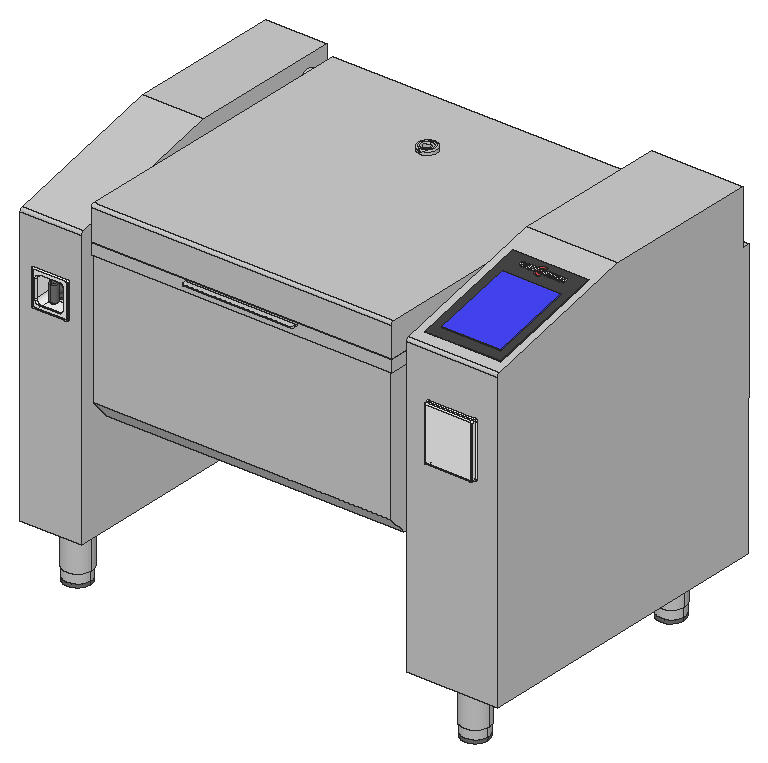
Revit family "QF_WELBILT-CONVOTHERM_FLEXX_PRO_101_260211053439", category Specialty Equipment, Revit 2021
Family settings
  Round Connector Dimension = Use Diameter
  Part Type = Normal
  OmniClass Number = 23.40.40.14
  OmniClass Title = Food Service Equipment
  Work Plane-Based = No
  Always vertical = Yes
  Cut with Voids When Loaded = No
  Shared = No
  Room Calculation Point = No
Parameters (values of type "JI-MKH-003")
  Weight [instance] = 340.00 kg
  Waste Water Discharge Temperature [instance] = 0 °C
  Waste Remarks [instance] = ""
  Warranty Start Date [instance] = ""
  Warranty Duration [instance] = ""
  Volts [instance] = 400 V
  Volt Free Conn [instance] = no
  URL Recommended Spares List [instance] = ""
  URL Manufacturer [instance] = ""
  URL Cutsheet [instance] = ""
  URL Critical Spares List [instance] = ""
  URL = "www.convotherm.com"
  Technical Documentation [instance] = ""
  Tag Number [instance] = ""
  Status [instance] = ""
  Start Up Current [instance] = 0 A
  Specification by User [instance] = ""
  Specification by Manufacturer [instance] = ""
  Sound Level [instance] = ""
  Show Logo [instance] = yes
  Show Clearances [instance] = yes
  Service Life Duration [instance] = ""
  Serial Number [instance] = ""
  Seismic Rating [instance] = ""
  SMACNA No [instance] = ""
  Revision Code [instance] = ""
  Revision [instance] = ""
  Production Year [instance] = ""
  Potential Equalisation [instance] = no
  Point Load [instance] = 0
  Plumbing Remarks [instance] = ""
  Plumbing Connection Type [instance] = ""
  Phase [instance] = 3
  Other Equipment Approvals [instance] = ""
  Operational Current [instance] = 0 A
  Odor Trap Included [instance] = no
  Number of Poles [instance] = 3
  No Load Power Draw [instance] = no
  National Water Regulation Certification [instance] = no
  NAFEM Spec ID Number [instance] = ""
  Model Warning [instance] = ""
  Model = "FLEXX PRO 101"
  Min Ckt Ampacity [instance] = 0 A
  Max Overcurrent Protection [instance] = 32 A
  Masterspec [instance] = ""
  Manufacturer = "WELBILT-CONVOTHERM"
  Main switch integrated [instance] = no
  Length Actual [instance] = 1293 mm
  Item Number [instance] = ""
  Installed By [instance] = ""
  Installation Date [instance] = ""
  Indirect Waste Size [instance] = 50.8 mm
  Indirect Waste Remarks [instance] = ""
  Indirect Waste Flow [instance] = 0.0 L/s
  Indirect Waste Connection Type [instance] = ""
  Indirect Waste Connection Height [instance] = 0 mm
  Identify Quantity as Lot [instance] = no
  ID [instance] = ""
  Hygiene Approval [instance] = ""
  Height Actual [instance] = 1050 mm
  HP power [instance] = ""
  Furnished By [instance] = ""
  Foodservice Equipment Identifier [instance] = no
  FL Amps [instance] = 30 A
  Electrical Remarks [instance] = "Plug not included"
  Electric power [instance] = 24600 W
  Electric Connection Type [instance] = "Cord&Plug"
  Elec Conn RI Height [instance] = 0 mm
  Elec Conn Connection Height [instance] = 0 mm
  ETL Approved [instance] = no
  Direct Waste Water Discharge Temperature [instance] = -273.15 °C
  Direct Waste Size [instance] = 50.8 mm
  Direct Waste RI Height [instance] = 0 mm
  Direct Waste Flow [instance] = 0.0 L/s
  Direct Waste Connection Height [instance] = 0 mm
  Description = "MULTIFUNCTION COOKING DEVICE 2XGN 1/1 100LT"
  Depth Actual [instance] = 850 mm
  Default Elevation = 0 mm
  Cycle [instance] = 50 Hz
  Cost = 0
  Connection to energy optimisation system [instance] = yes
  Conn Plug [instance] = ""
  Conn Conduit [instance] = no
  Cold Water Temperature Recommended [instance] = 0 °C
  Cold Water Size [instance] = 19.05 mm
  Cold Water Remarks [instance] = ""
  Cold Water RI Height [instance] = 0 mm
  Cold Water Quality [instance] = ""
  Cold Water Minimum Pressure [instance] = 200000.0 Pa
  Cold Water Maximum Pressure [instance] = 600000.0 Pa
  Cold Water Flow [instance] = 0.0 L/s
  Cold Water Connection Type [instance] = ""
  Cold Water Connection Height [instance] = 0 mm
  Centralized building control system with digital interface [instance] = ""
  CSI MasterFormat [instance] = ""
  CE Approved [instance] = no
  Barcode [instance] = 0
  Author [instance] = ""
  Asset Identifier [instance] = ""
  Apparent Power [instance] = 24600 VA
  Accessory [instance] = no
Reference planes
  plane 1 "Center (Front/Back)": y = 0
  plane 2: z = 0
  plane 3 "Center (Left/Right)": x = 0
Forms (mm)
  Extrusion 1, solid, not visible
    sketch origin (1193.058, -100.005, 252.012) x (1, 0, 0) y (0, 1, 0)
      loop
        line (-2, 2) -> (-2, -2) -> (2, -2) -> (2, 2) -> (-2, 2)
    from -2 to 2
  Extrusion 2, solid, not visible
    sketch origin (843.041, -500.024, 460.022) x (1, 0, 0) y (0, 1, 0)
      loop
        line (-2, 2) -> (-2, -2) -> (2, -2) -> (2, 2) -> (-2, 2)
    from -2 to 2
  Extrusion 3, solid, not visible
    sketch origin (160.008, -100.005, 170.008) x (1, 0, 0) y (0, 1, 0)
      loop
        line (-2, 2) -> (-2, -2) -> (2, -2) -> (2, 2) -> (-2, 2)
    from -2 to 2
Dimensions and locks
  locked: nested 2 to Extrusion 1 at 2  (x2)
  locked: nested 3 to Extrusion 2 at 2  (x2)
  locked: nested 4 to Extrusion 3 at 2
  locked: nested 4 to Extrusion 3
  aligned and locked: level to plane 2
Nested families
  nested 1: "QF_WELBILT-CONVOTHERM_JI-MKH-003_2920" at (0, 0, 150), type "JI-MKH-003"
    with Weight 340.00 kg, Warranty Start Date "", Warranty Duration "", URL Cutsheet "", Technical Documentation "", Tag Number "", Status "", Specification by User "", Specification by Manufacturer "", Sound Level "", Solid Fuel Type "", Show Logo yes, Show Clearances yes, Service Life Duration "", Serial Number "", Seismic Rating "", SMACNA No "", Revision Code "", Revision "", Production Year "", Point Load 0, Other Equipment Approvals "", NAFEM Spec ID Number "", Model Warning "", Masterspec "", Length Actual 1293 mm, Item Number "", Installed By "", Installation Date "", Identify Quantity as Lot yes, ID "", Hygiene Approval "", Height Actual 1050 mm, Furnished By "", Foodservice Equipment Identifier yes, ETL Approved yes, Depth Actual 850 mm, CSI MasterFormat "", CE Approved yes, Barcode "", Asset Identifier "", Accessory no
  nested 2: "CONN_POINT_COLDWATER_2D___Generic_Annotation" at (1193.058, -100.005, 250.012), type "CONN_POINT_COLDWATER_2D___Generic_Annotation"
    with Onboard connection annotation symbol visibility yes
  nested 3: "CONN_POINT_DRAIN_2D___Generic_Annotation" at (843.041, -500.024, 458.022), type "CONN_POINT_DRAIN_2D___Generic_Annotation"
    with Onboard connection annotation symbol visibility yes
  nested 4: "CONN_POINT_ELE_2D___Generic_Annotation" at (162.008, -100.005, 170.008), type "CONN_POINT_ELE_2D___Generic_Annotation"
    with Onboard connection annotation symbol visibility yes
  nested 5: "QF_WELBILT-CONVOTHERM_FLEXX-PRO-FEETS" at (0, 0, 0), type "K6257501"
    with Weight 0.00 kg, Warranty Start Date "", Warranty Duration "", URL Cutsheet "", Technical Documentation "", Tag Number "", Status "", Specification by User "", Specification by Manufacturer "", Sound Level "", Solid Fuel Type "", Show Logo yes, Show Clearances yes, Service Life Duration "", Serial Number "", Seismic Rating "", SMACNA No "", Revision Code "", Revision "", Production Year "", Point Load 0, Other Equipment Approvals "", NAFEM Spec ID Number "", Model Warning "", Masterspec "", Length Actual 1293 mm, Item Number "", Installed By "", Installation Date "", Identify Quantity as Lot yes, ID "", Hygiene Approval "", Height Actual 150 mm, Furnished By "", Foodservice Equipment Identifier yes, ETL Approved yes, Depth Actual 850 mm, CSI MasterFormat "", CE Approved yes, Barcode "", Asset Identifier "", Accessory yes
Connectors
  piping at (1193.058, -100.005, 250.012), diameter 19.05, driven by "Cold Water Size", driven by "Cold Water Flow"
    settings: on Extrusion 1, index 1, connector inside diameter 609.6 mm, connector length 0 mm, flow factor 0, pipe flow 0.0 L/s, pressure drop 0.0 Pa, fitting loss kfactor 0, connector angle 0.00°, fixture units 0, engagement length 0 mm, angle of deflection 0.00°, flow configuration 1, flow direction 1, fitting loss method 0, system type 20, joint type 0, gender type 0, connector reference index -1, connector utility 0, adjustable connector no, is connector primary yes, connector description "Cold Water connection for FLEXX PRO 101"
  piping at (843.041, -500.024, 458.022), diameter 50.8, driven by "Indirect Waste Size", driven by "Direct Waste Flow"
    settings: on Extrusion 2, index 2, connector inside diameter 609.6 mm, connector length 0 mm, flow factor 0, pipe flow 0.0 L/s, pressure drop 0.0 Pa, fitting loss kfactor 0, connector angle 0.00°, fixture units 0, engagement length 0 mm, angle of deflection 0.00°, flow configuration 1, flow direction 2, fitting loss method 0, system type 16, joint type 0, gender type 0, connector reference index -1, connector utility 0, adjustable connector no, is connector primary no, connector description "Waste connection for FLEXX PRO 101"
  electrical at (162.008, -100.005, 170.008), driven by "Apparent Power", driven by "Number of Poles", driven by "Volts"
    settings: on Extrusion 3, index 3, voltage 400 V, apparent load 0 VA, apparent load phase1 24600 VA, apparent load phase2 0 VA, apparent load phase3 0 VA, power factor 1, load classification "Other", number of poles 3, system type 31, power factor state 1, is connector primary yes, connector utility no, sub classification motor no, connector description "Electrical connection for FLEXX PRO 101"
Definition of nested family "QF_WELBILT-CONVOTHERM_JI-MKH-003_2920"
  Parameters (values of type "JI-MKH-003")
    Weight [instance] = 0.00 kg
    Warranty Start Date [instance] = ""
    Warranty Duration [instance] = ""
    URL Cutsheet [instance] = ""
    URL = "www.convotherm.com"
    Technical Documentation [instance] = ""
    Tag Number [instance] = ""
    Status [instance] = ""
    Specification by User [instance] = ""
    Specification by Manufacturer [instance] = ""
    Sound Level [instance] = ""
    Solid Fuel Type [instance] = ""
    Show Logo [instance] = yes
    Show Clearances [instance] = yes
    Service Life Duration [instance] = ""
    Serial Number [instance] = ""
    Seismic Rating [instance] = ""
    SMACNA No [instance] = ""
    Revision Code [instance] = ""
    Revision [instance] = ""
    Production Year [instance] = ""
    Point Load [instance] = 0
    Other Equipment Approvals [instance] = ""
    NAFEM Spec ID Number [instance] = ""
    Model Warning [instance] = ""
    Model = "FLEXX PRO 101"
    Masterspec [instance] = ""
    Manufacturer = "WELBILT-CONVOTHERM"
    Length Actual [instance] = 0 mm
    Item Number [instance] = ""
    Installed By [instance] = ""
    Installation Date [instance] = ""
    Identify Quantity as Lot [instance] = yes
    ID [instance] = ""
    Hygiene Approval [instance] = ""
    Height Actual [instance] = 0 mm
    Furnished By [instance] = ""
    Foodservice Equipment Identifier [instance] = yes
    ETL Approved [instance] = yes
    Description = "MULTIFUNCTION COOKING DEVICE 2XGN 1/1 100LT"
    Depth Actual [instance] = 0 mm
    Default Elevation = 0 mm
    CSI MasterFormat [instance] = ""
    CE Approved [instance] = yes
    Barcode [instance] = ""
    Author = "SPECIFI"
    Asset Identifier [instance] = ""
    Assembly Code = "E1090320"
    Accessory [instance] = yes
  Reference planes
    plane 1 "Back": y = 0
    plane 2: z = 0
    plane 3 "Left": x = 0
    plane 4 "Right": x = 1293
    plane 5 "Front": y = -850
    plane 6 "Top": z = 900
  Forms (mm)
    Extrusion 1, solid
      sketch origin (0, 0, -150) x (0, 1, 0) y (0, 0, 1)
        loop
          line (0, 150) -> (0, 902) -> (-20, 902) -> (-20, 1000) -> (-435, 1000) -> (-842.983, 907.833)
          arc (-842.983, 907.833) -> (-848.03, 904.673) -> (-850, 899.054) r 9
          line (-850, 899.054) -> (-850, 150) -> (0, 150)
      from 0 to 166
    Extrusion 2, solid
      sketch origin (1293, 10, -150) x (0, -1, 0) y (0, 0, 1)
        loop
          line (10, 150) -> (860, 150) -> (860, 950.639)
          arc (860, 950.639) -> (858.03, 956.258) -> (852.983, 959.418) r 9
          line (852.983, 959.418) -> (452.017, 1050) -> (30, 1050) -> (30, 902) -> (10, 902) -> (10, 150)
      from 0 to 246
    Extrusion 3, solid
      sketch origin (0, 0, -150) x (0, 1, 0) y (0, 0, 1)
        loop
          line (-131.5, 458.3) -> (-131.5, 868.5) -> (-855.5, 868.5) -> (-855.5, 508.65) -> (-810.5, 458.3) -> (-131.5, 458.3)
      from 204 to 1009
    Extrusion 4, solid
      sketch origin (0, 0, -150) x (0, 1, 0) y (0, 0, 1)
        loop
          line (-859, 898.5) -> (-859, 868.5) -> (-128, 868.5) -> (-128, 898.5) -> (-859, 898.5)
      from 200 to 1013
    Extrusion 5, solid
      sketch origin (0, 0, -149) x (0, 1, 0) y (0, 0, 1)
        loop
          circle (-755, 536) r 30
      from 170 to 200
    Extrusion 6, solid
      sketch origin (0, 0, -149) x (0, 1, 0) y (0, 0, 1)
        loop
          circle (-755, 536) r 40
      from 166 to 170
    Extrusion 7, solid
      sketch origin (0, 0, -149) x (0, 1, 0) y (0, 0, 1)
        loop
          circle (-755, 536) r 40
      from 200 to 204
    Extrusion 8, solid
      sketch origin (1214, 0, -149) x (0, 1, 0) y (0, 0, -1)
        loop
          circle (-755, -536) r 30
      from 171 to 201
    Extrusion 9, solid
      sketch origin (1213, 0, -149) x (0, 1, 0) y (0, 0, -1)
        loop
          circle (-755, -536) r 40
      from 166 to 170
    Extrusion 10, solid
      sketch origin (0, -0.3, -150) x (0, 1, 0) y (0, 0, 1)
        loop
          line (-40.7, 914) -> (-40.7, 991) -> (-849.7, 991)
          arc (-849.7, 991) -> (-856.064, 988.364) -> (-858.7, 982) r 9
          line (-858.7, 982) -> (-858.7, 901) -> (-70.7, 901) -> (-40.7, 914)
      from 200 to 1013
    Extrusion 11, solid
      sketch origin (0, 0, -150) x (0, 1, 0) y (0, 0, 1)
        loop
          circle (-85, 946) r 25
      from 166 to 200
    Extrusion 12, solid
      sketch origin (1213, 0, -150) x (0, 1, 0) y (0, 0, -1)
        loop
          circle (-85, -946) r 25
      from 166 to 200
    Extrusion 13, solid
      sketch origin (0, 0, -150) x (1, 0, 0) y (0, 1, 0)
        loop
          arc (456.7, -869) -> (458.164, -872.536) -> (461.7, -874) r 5
          line (461.7, -874) -> (751.7, -874)
          arc (751.7, -874) -> (755.236, -872.536) -> (756.7, -869) r 5
          line (756.7, -869) -> (756.7, -859) -> (456.7, -859) -> (456.7, -869)
      from 892.5 to 895.5
    Extrusion 14, solid
      sketch origin (0, 0, -150) x (0, 1, 0) y (0, 0, 1)
        loop
          line (-232, 150) -> (0, 150) -> (0, 902) -> (-33, 902) -> (-46.715, 831.44) -> (-101, 792) -> (-101, 462) -> (-232, 423.097) -> (-232, 150)
      from 166 to 1047
    Sweep 15, solid
      path origin (0, -850, -150) x (-1, 0, 0) y (0, 0, 1)
        loop
          line (-1108.5, 825.639) -> (-1231.5, 825.639)
          arc (-1231.5, 825.639) -> (-1231.854, 825.492) -> (-1232, 825.139) r 0.5
          line (-1232, 825.139) -> (-1232, 684.139)
          arc (-1232, 684.139) -> (-1231.854, 683.785) -> (-1231.5, 683.639) r 0.5
          line (-1231.5, 683.639) -> (-1108.5, 683.639)
          arc (-1108.5, 683.639) -> (-1108.146, 683.785) -> (-1108, 684.139) r 0.5
          line (-1108, 684.139) -> (-1108, 825.139)
          arc (-1108, 825.139) -> (-1108.146, 825.492) -> (-1108.5, 825.639) r 0.5
      profile origin (1170, -850, 675.639) x (0, 0, -1) y (0, 1, 0)
        loop
          line (0, -13) -> (0, 0) -> (-6, 0)
          arc (-6, 0) -> (-3.879, -0.879) -> (-3, -3) r 3
          line (-3, -3) -> (-3, -10)
          arc (-3, -10) -> (-2.121, -12.121) -> (0, -13) r 3
    Extrusion 16, solid
      sketch origin (0, -850, -150) x (-1, 0, 0) y (0, 0, 1)
        loop
          arc (-1231.5, 825.639) -> (-1231.854, 825.492) -> (-1232, 825.139) r 0.5
          line (-1232, 825.139) -> (-1232, 684.139)
          arc (-1232, 684.139) -> (-1231.854, 683.785) -> (-1231.5, 683.639) r 0.5
          line (-1231.5, 683.639) -> (-1108.5, 683.639)
          arc (-1108.5, 683.639) -> (-1108.146, 683.785) -> (-1108, 684.139) r 0.5
          line (-1108, 684.139) -> (-1108, 825.139)
          arc (-1108, 825.139) -> (-1108.146, 825.492) -> (-1108.5, 825.639) r 0.5
          line (-1108.5, 825.639) -> (-1231.5, 825.639)
      from 0 to -13
    Revolve 17, solid
      sketch origin (606.5, 0, -150) x (0, 1, 0) y (0, 0, 1)
        loop
          line (-216.7, 991) -> (-204.2, 991) -> (-204.2, 998)
          arc (-204.2, 998) -> (-205.079, 1000.121) -> (-207.2, 1001) r 3
          line (-207.2, 1001) -> (-213.7, 1001)
          arc (-213.7, 1001) -> (-215.821, 1000.121) -> (-216.7, 998) r 3
          line (-216.7, 998) -> (-216.7, 991)
        axis (-229.2, 991) -> (-229.2, 1001)
      angle from 0 to 360
    Extrusion 18, solid, visible <- "Show Clearances", detail levels coarse
      sketch origin (0, 0, -150) x (0, 1, 0) y (0, 0, 1)
        loop
          line (-41, 991) -> (-41, 1707)
          arc (-41, 1707) -> (-587.269, 1505.824) -> (-859, 991) r 813
          line (-859, 991) -> (-41, 991)
      from 200 to 1013
    Sweep 19, solid
      path origin (0, -850, -150) x (-1, 0, 0) y (0, 0, 1)
        loop
          arc (-129.2, 776.554) -> (-129.554, 776.407) -> (-129.7, 776.054) r 0.5
          line (-129.7, 776.054) -> (-129.7, 684.054)
          arc (-129.7, 684.054) -> (-129.554, 683.7) -> (-129.2, 683.554) r 0.5
          line (-129.2, 683.554) -> (-37.2, 683.554)
          arc (-37.2, 683.554) -> (-36.846, 683.7) -> (-36.7, 684.054) r 0.5
          line (-36.7, 684.054) -> (-36.7, 776.054)
          arc (-36.7, 776.054) -> (-36.846, 776.407) -> (-37.2, 776.554) r 0.5
          line (-37.2, 776.554) -> (-129.2, 776.554)
      profile origin (83.2, -850, 626.554) x (0, 0, 1) y (0, 1, 0)
        loop
          line (0, 0) -> (0, -5)
          arc (0, -5) -> (2.121, -4.121) -> (3, -2) r 3
          line (3, -2) -> (3, 0) -> (0, 0)
    Extrusion 20, solid
      sketch origin (0, -850, -150) x (-1, 0, 0) y (0, 0, 1)
        loop
          arc (-107.7, 769.21) -> (-118.064, 764.918) -> (-122.357, 754.554) r 14.657
          line (-122.357, 754.554) -> (-122.357, 705.554)
          arc (-122.357, 705.554) -> (-118.064, 695.19) -> (-107.7, 690.897) r 14.657
          line (-107.7, 690.897) -> (-58.7, 690.897)
          arc (-58.7, 690.897) -> (-48.336, 695.19) -> (-44.043, 705.554) r 14.657
          line (-44.043, 705.554) -> (-44.043, 754.554)
          arc (-44.043, 754.554) -> (-48.336, 764.918) -> (-58.7, 769.21) r 14.657
          line (-58.7, 769.21) -> (-107.7, 769.21)
        loop
          line (-37.2, 776.554) -> (-129.2, 776.554)
          arc (-129.2, 776.554) -> (-129.554, 776.407) -> (-129.7, 776.054) r 0.5
          line (-129.7, 776.054) -> (-129.7, 684.054)
          arc (-129.7, 684.054) -> (-129.554, 683.7) -> (-129.2, 683.554) r 0.5
          line (-129.2, 683.554) -> (-37.2, 683.554)
          arc (-37.2, 683.554) -> (-36.846, 683.7) -> (-36.7, 684.054) r 0.5
          line (-36.7, 684.054) -> (-36.7, 776.054)
          arc (-36.7, 776.054) -> (-36.846, 776.407) -> (-37.2, 776.554) r 0.5
      from 0 to -5
    Extrusion 21, solid
      sketch origin (0, -850, -150) x (-1, 0, 0) y (0, 0, 1)
        loop
          line (-58.7, 772.185) -> (-107.7, 772.185)
          arc (-107.7, 772.185) -> (-120.167, 767.021) -> (-125.331, 754.554) r 17.631
          line (-125.331, 754.554) -> (-125.331, 705.554)
          arc (-125.331, 705.554) -> (-120.167, 693.087) -> (-107.7, 687.923) r 17.631
          line (-107.7, 687.923) -> (-58.7, 687.923)
          arc (-58.7, 687.923) -> (-46.233, 693.087) -> (-41.069, 705.554) r 17.631
          line (-41.069, 705.554) -> (-41.069, 754.554)
          arc (-41.069, 754.554) -> (-46.233, 767.021) -> (-58.7, 772.185) r 17.631
        loop
          arc (-107.7, 769.21) -> (-118.064, 764.918) -> (-122.357, 754.554) r 14.657
          line (-122.357, 754.554) -> (-122.357, 705.554)
          arc (-122.357, 705.554) -> (-118.064, 695.19) -> (-107.7, 690.897) r 14.657
          line (-107.7, 690.897) -> (-58.7, 690.897)
          arc (-58.7, 690.897) -> (-48.336, 695.19) -> (-44.043, 705.554) r 14.657
          line (-44.043, 705.554) -> (-44.043, 754.554)
          arc (-44.043, 754.554) -> (-48.336, 764.918) -> (-58.7, 769.21) r 14.657
          line (-58.7, 769.21) -> (-107.7, 769.21)
      from 0 to 43
    Extrusion 22, void
      sketch origin (0, -850, -150) x (-1, 0, 0) y (0, 0, 1)
        loop
          line (-58.7, 772.185) -> (-107.7, 772.185)
          arc (-107.7, 772.185) -> (-120.167, 767.021) -> (-125.331, 754.554) r 17.631
          line (-125.331, 754.554) -> (-125.331, 705.554)
          arc (-125.331, 705.554) -> (-120.167, 693.087) -> (-107.7, 687.923) r 17.631
          line (-107.7, 687.923) -> (-58.7, 687.923)
          arc (-58.7, 687.923) -> (-46.233, 693.087) -> (-41.069, 705.554) r 17.631
          line (-41.069, 705.554) -> (-41.069, 754.554)
          arc (-41.069, 754.554) -> (-46.233, 767.021) -> (-58.7, 772.185) r 17.631
      from -5 to 43
    Extrusion 23, solid
      sketch origin (0, -850, -150) x (-1, 0, 0) y (0, 0, 1)
        loop
          arc (-107.7, 769.21) -> (-118.064, 764.918) -> (-122.357, 754.554) r 14.657
          line (-122.357, 754.554) -> (-122.357, 705.554)
          arc (-122.357, 705.554) -> (-118.064, 695.19) -> (-107.7, 690.897) r 14.657
          line (-107.7, 690.897) -> (-58.7, 690.897)
          arc (-58.7, 690.897) -> (-48.336, 695.19) -> (-44.043, 705.554) r 14.657
          line (-44.043, 705.554) -> (-44.043, 754.554)
          arc (-44.043, 754.554) -> (-48.336, 764.918) -> (-58.7, 769.21) r 14.657
          line (-58.7, 769.21) -> (-107.7, 769.21)
      from 40 to 43
    Revolve 24, solid
      sketch origin (83.2, 0, -150) x (0, 1, 0) y (0, 0, 1)
        loop
          line (-840, 753.054) -> (-847.5, 753.054) -> (-847.5, 750.054) -> (-851, 750.054) -> (-851, 708.054) -> (-848, 705.054) -> (-840, 705.054) -> (-840, 753.054)
        axis (-840, 753.054) -> (-840, 705.054)
      angle from 0 to 360
    Revolve 25, solid
      sketch origin (83.2, 0, -150) x (0, 1, 0) y (0, 0, 1)
        loop
          line (-810, 730.054) -> (-810, 757.554) -> (-812, 757.554) -> (-820.172, 754.085)
          arc (-820.172, 754.085) -> (-821.502, 752.979) -> (-822, 751.323) r 3
          line (-822, 751.323) -> (-822, 741.054) -> (-840, 741.054) -> (-840, 730.054) -> (-810, 730.054)
        axis (-810, 730.054) -> (-840, 730.054)
      angle from 0 to 360
    Extrusion 26, solid
      sketch origin (0, 1914.493, 1343.992) x (0, 0.975419, 0.220357) y (-1, 0, 0)
        loop
          line (-2472.158, -1067.5) -> (-2776.158, -1067.5) -> (-2776.158, -1272.5) -> (-2472.158, -1272.5) -> (-2472.158, -1067.5)
      from 85 to 87
    Extrusion 27, solid
      sketch origin (0, 1914.493, 1343.992) x (0, 0.975419, 0.220357) y (-1, 0, 0)
        loop
          line (-2537.158, -1090.5) -> (-2748.158, -1090.5) -> (-2748.158, -1249.5) -> (-2537.158, -1249.5) -> (-2537.158, -1090.5)
      from 85 to 88
    Extrusion 28, solid
      sketch origin (1213, 0, -149) x (0, 1, 0) y (0, 0, -1)
        loop
          circle (-755, -536) r 40
      from 200 to 204
    Extrusion 29, solid, visible <- "Show Clearances", detail levels coarse
      sketch origin (0, -218.5, 1142) x (0, 0, 1) y (0, -1, 0)
        loop
          line (-131.5, 458.3) -> (-131.5, 868.5) -> (-855.5, 868.5) -> (-855.5, 508.65) -> (-810.5, 458.3) -> (-131.5, 458.3)
      from 204 to 1009
    Extrusion 30, solid, visible <- "Show Clearances", detail levels coarse
      sketch origin (0, -218.5, 1142) x (0, 0, 1) y (0, -1, 0)
        loop
          line (-859, 898.5) -> (-859, 868.5) -> (-128, 868.5) -> (-128, 898.5) -> (-859, 898.5)
      from 200 to 1013
    Extrusion 31, solid, visible <- "Show Logo"
      sketch origin (677.704, -854.573, 193.005) x (1, 0, 0) y (0, 0.975419, 0.220357)
        loop
          line (493.556, 462.654) -> (493.556, 469.472)
          arc (493.556, 469.472) -> (472.307, 455.836) -> (493.556, 442.199) r 15
          line (493.556, 442.199) -> (493.556, 449.017)
          arc (493.556, 449.017) -> (480.852, 455.836) -> (493.556, 462.654) r 8.182
      from 598 to 600
    Extrusion 32, solid, visible <- "Show Logo"
      sketch origin (630.83, -854.463, 192.517) x (1, 0, 0) y (0, 0.975419, 0.220357)
        loop
          line (486.789, 458.563) -> (486.789, 461.29)
          arc (486.789, 461.29) -> (478.289, 455.836) -> (486.789, 450.381) r 6
          line (486.789, 450.381) -> (486.789, 453.108)
          arc (486.789, 453.108) -> (481.707, 455.836) -> (486.789, 458.563) r 3.273
        loop
          circle (495.124, 455.836) r 6
        loop
          circle (495.124, 455.836) r 3.266
        loop
          line (503.766, 449.836) -> (506.45, 449.836) -> (506.45, 457.877) -> (510.841, 449.836) -> (515.031, 449.836) -> (515.031, 461.836) -> (512.331, 461.836) -> (512.331, 452.741) -> (507.365, 461.836) -> (503.766, 461.836) -> (503.766, 449.836)
        loop
          line (516.563, 461.836) -> (520.462, 449.836) -> (524.172, 449.836) -> (528.071, 461.836) -> (524.719, 461.836) -> (522.317, 453.459) -> (519.915, 461.836) -> (516.563, 461.836)
        loop
          circle (535.182, 455.836) r 6
        loop
          circle (535.182, 455.836) r 3.266
        loop
          line (575.346, 461.836) -> (575.346, 449.836) -> (578.16, 449.836) -> (578.16, 454.169) -> (579.27, 454.169) -> (581.772, 449.836) -> (585.216, 449.836) -> (581.898, 454.755)
          arc (581.898, 454.755) -> (582.887, 455.385) -> (583.517, 456.374) r 2.709
          arc (583.517, 456.374) -> (583.803, 457.995) -> (583.517, 459.615) r 4.738
          arc (583.517, 459.615) -> (582.282, 461.225) -> (580.346, 461.836) r 3.374
          line (580.346, 461.836) -> (575.346, 461.836)
        loop
          line (578.16, 456.542) -> (579.584, 456.542)
          arc (579.584, 456.542) -> (581.041, 457.999) -> (579.584, 459.457) r 1.457
          line (579.584, 459.457) -> (578.16, 459.457) -> (578.16, 456.542)
        loop
          line (542.187, 461.836) -> (542.187, 459.168) -> (545.068, 459.168) -> (545.068, 449.836) -> (548.304, 449.836) -> (548.304, 459.168) -> (551.185, 459.168) -> (551.185, 461.836) -> (542.187, 461.836)
        loop
          line (553.224, 461.836) -> (553.224, 449.836) -> (556.106, 449.836) -> (556.106, 454.836) -> (559.986, 454.836) -> (559.986, 449.836) -> (562.867, 449.836) -> (562.867, 461.836) -> (559.986, 461.836) -> (559.986, 457.148) -> (556.106, 457.148) -> (556.106, 461.836) -> (553.224, 461.836)
        loop
          line (565.879, 461.836) -> (565.879, 449.836) -> (572.903, 449.836) -> (572.903, 452.163) -> (568.881, 452.163) -> (568.881, 454.612) -> (572.641, 454.612) -> (572.641, 457.059) -> (568.881, 457.059) -> (568.881, 459.508) -> (572.903, 459.508) -> (572.903, 461.836) -> (565.879, 461.836)
        loop
          line (586.65, 461.836) -> (586.65, 449.836) -> (589.336, 449.836) -> (589.336, 458.187) -> (591.769, 449.836) -> (594.811, 449.836) -> (597.244, 458.187) -> (597.244, 449.836) -> (599.93, 449.836) -> (599.93, 461.836) -> (595.875, 461.836) -> (593.29, 452.962) -> (590.705, 461.836) -> (586.65, 461.836)
      from 599 to 601
  Cuts and joins
    Extrusion 22 cuts Extrusion 1
    joined: Extrusion 1, Extrusion 2, Extrusion 14
  Lines and regions (mm)
    symbolic lines
      curve 1: line (0, 0, 0) -> (0, -850, 0)
      curve 2: line (0, -850, 0) -> (166, -850, 0)
      curve 3: line (166, -850, 0) -> (166, 0, 0)
      curve 4: line (200, -41, 0) -> (1013, -41, 0)
      curve 5: line (200, -859, 0) -> (200, -41, 0)
      curve 6: line (1013, -859, 0) -> (200, -859, 0)
      curve 7: line (1013, -41, 0) -> (1013, -859, 0)
      curve 8: line (1047, -850, 0) -> (1047, 0, 0)
      curve 9: line (1293, -850, 0) -> (1293, 0, 0)
      curve 10: line (0, 0, 0) -> (1293, 0, 0)
      curve 11: line (166, -33, 0) -> (1047, -33, 0)
      curve 12: line (756.7, -869, 0) -> (756.7, -859, 0)
      curve 13: arc (751.7, -874, 0) -> (755.236, -872.536, 0) -> (756.7, -869, 0) r 5
      curve 14: line (461.7, -874, 0) -> (751.7, -874, 0)
      curve 15: arc (456.7, -869, 0) -> (458.164, -872.536, 0) -> (461.7, -874, 0) r 5
      curve 16: line (456.7, -859, 0) -> (456.7, -869, 0)
      curve 17: line (166, -715, 0) -> (170, -715, 0)
      curve 18: line (170, -715, 0) -> (170, -795, 0)
      curve 19: line (170, -795, 0) -> (166, -795, 0)
      curve 20: line (170, -725, 0) -> (200, -725, 0)
      curve 21: line (170, -785, 0) -> (200, -785, 0)
      curve 22: line (166, -110, 0) -> (200, -110, 0)
      curve 23: line (166, -60, 0) -> (200, -60, 0)
      curve 24: line (1047, -715, 0) -> (1043, -715, 0)
      curve 25: line (1043, -715, 0) -> (1043, -795, 0)
      curve 26: line (1043, -795, 0) -> (1047, -795, 0)
      curve 27: line (1043, -725, 0) -> (1013, -725, 0)
      curve 28: line (1043, -785, 0) -> (1013, -785, 0)
      curve 29: line (1047, -110, 0) -> (1013, -110, 0)
      curve 30: line (1047, -60, 0) -> (1013, -60, 0)
      curve 31: line (1047, -850, 0) -> (1293, -850, 0)
      curve 32: line (0, -435, 0) -> (166, -435, 0)
      curve 33: line (1047, -442.017, 0) -> (1293, -442.017, 0)
      curve 34: line (1047, -20, 0) -> (1293, -20, 0)
      curve 35: line (0, -20, 0) -> (166, -20, 0)
      curve 36: line (1067.5, -515.628, 0) -> (1272.5, -515.628, 0)
      curve 37: line (1067.5, -812.596, 0) -> (1067.5, -515.628, 0)
      curve 38: line (1272.5, -812.596, 0) -> (1067.5, -812.596, 0)
      curve 39: line (1272.5, -515.628, 0) -> (1272.5, -812.596, 0)
      curve 40: line (1090.5, -579.691, 0) -> (1249.5, -579.691, 0)
      curve 41: line (1090.5, -785.505, 0) -> (1090.5, -579.691, 0)
      curve 42: line (1249.5, -785.505, 0) -> (1090.5, -785.505, 0)
      curve 43: line (1249.5, -579.691, 0) -> (1249.5, -785.505, 0)
      curve 44: line (36.7, -855, 0) -> (129.7, -855, 0)
      curve 45: line (132.7, -850, 0) -> (132.7, -852, 0)
      curve 46: line (33.7, -850, 0) -> (33.7, -852, 0)
      curve 47: arc (33.7, -852, 0) -> (34.579, -854.121, 0) -> (36.7, -855, 0) r 3
      curve 48: arc (129.7, -855, 0) -> (131.821, -854.121, 0) -> (132.7, -852, 0) r 3
      curve 49: line (1108, -863, 0) -> (1232, -863, 0)
      curve 50: line (1105, -850, 0) -> (1105, -860, 0)
      curve 51: arc (1105, -860, 0) -> (1105.879, -862.121, 0) -> (1108, -863, 0) r 3
      curve 52: line (1235, -850, 0) -> (1235, -860, 0)
      curve 53: arc (1235, -860, 0) -> (1234.121, -862.121, 0) -> (1232, -863, 0) r 3
      curve 54: circle (606.5, -229.2, 0) r 25 normal (0, 0, 1)
      curve 55: circle (606.5, -229.2, 0) r 12.5 normal (0, 0, 1)
    symbolic lines, visible <- "Show Clearances"
      curve 56: line (200, -859, 0) -> (200, -1117, 0)
      curve 57: line (200, -1117, 0) -> (1013, -1117, 0)
      curve 58: line (1013, -859, 0) -> (1013, -1117, 0)
  Dimensions and locks
    plane 3 "Left" to plane 4 "Right" = 1293 mm
    plane 5 "Front" to plane 1 "Back" = 850 mm
    aligned and locked: level to plane 2
Definition of nested family "QF_WELBILT-CONVOTHERM_FLEXX-PRO-FEETS"
  Parameters (values of type "K6257507")
    Weight [instance] = 0.00 kg
    Warranty Start Date [instance] = ""
    Warranty Duration [instance] = ""
    URL Cutsheet [instance] = ""
    URL = "www.convotherm.com"
    Technical Documentation [instance] = ""
    Tag Number [instance] = ""
    Status [instance] = ""
    Specification by User [instance] = ""
    Specification by Manufacturer [instance] = ""
    Sound Level [instance] = ""
    Solid Fuel Type [instance] = ""
    Show Logo [instance] = yes
    Show Clearances [instance] = yes
    Service Life Duration [instance] = ""
    Serial Number [instance] = ""
    Seismic Rating [instance] = ""
    SMACNA No [instance] = ""
    Right offset = 127.5 mm
    Revision Code [instance] = ""
    Revision [instance] = ""
    Rear offset = 102.5 mm
    Production Year [instance] = ""
    Point Load [instance] = 0
    Other Equipment Approvals [instance] = ""
    NAFEM Spec ID Number [instance] = ""
    Model Warning [instance] = ""
    Model = "K6257507"
    Masterspec [instance] = ""
    Manufacturer = "WELBILT-CONVOTHERM"
    Length Actual [instance] = 2009 mm
    Left offset = 87.5 mm
    Item Number [instance] = ""
    Installed By [instance] = ""
    Installation Date [instance] = ""
    Identify Quantity as Lot [instance] = yes
    ID [instance] = ""
    Hygiene Approval [instance] = ""
    Height Actual [instance] = 150 mm
    Furnished By [instance] = ""
    Front offset = 84.5 mm
    Foodservice Equipment Identifier [instance] = yes
    ETL Approved [instance] = yes
    Description = "4 FEETS H=150 MM"
    Depth Actual [instance] = 850 mm
    Default Elevation = 0 mm
    CSI MasterFormat [instance] = ""
    CE Approved [instance] = yes
    Barcode [instance] = ""
    Author = "SPECIFI"
    Asset Identifier [instance] = ""
    Assembly Code = "E1090320"
    Accessory [instance] = yes
  Types (5, lengths in mm): name | Model | Length Actual
    K6257504 | "K6257504" | 1651
    K6257501 | "K6257501" | 1293
    K6257503 | "K6257503" | 1580
    K6257506 | "K6257506" | 1756
    K6257507 | "K6257507" | 2009
  Reference planes
    plane 1 "Back": y = 0
    plane 2: z = 0
    plane 3 "Left": x = 0
    plane 4 "Right": x = 2009
    plane 5 "Front": y = -850
    plane 6 "Top": z = 150
    plane 7 "Left offset": x = 87.5
    plane 8 "Right offset": x = 1881.5
    plane 9 "Rear offset": y = -102.5
    plane 10 "Front offset": y = -765.5
  Dimensions and locks
    "Length Actual": plane 3 "Left" to plane 4 "Right"
    "Depth Actual": plane 5 "Front" to plane 1 "Back"
    "Left offset": plane 3 "Left" to plane 7 "Left offset"
    "Right offset": plane 8 "Right offset" to plane 4 "Right"
    "Rear offset": plane 9 "Rear offset" to plane 1 "Back"
    "Front offset": plane 10 "Front offset" to plane 5 "Front"
    "Height Actual": plane 6 "Top" to level
    plane 7 "Left offset" to plane 8 "Right offset" = 1794 mm
    aligned and locked: level to plane 2
    aligned and locked: nested 2 to plane 8 "Right offset"
    aligned and locked: nested 3 to plane 8 "Right offset"
    aligned and locked: nested 4 to plane 7 "Left offset"
    aligned and locked: nested 4 to plane 10 "Front offset"
    aligned and locked: nested 3 to plane 10 "Front offset"
    aligned and locked: nested 1 to plane 7 "Left offset"
    aligned and locked: nested 1 to plane 9 "Rear offset"
    aligned and locked: nested 2 to plane 9 "Rear offset"
  Nested families
    nested 1: "QF_WELBILT-CONVOTHERM_LEG" at (87.5, -102.5, 0), type "LEG"
    nested 2: "QF_WELBILT-CONVOTHERM_LEG" at (1881.5, -102.5, 0), type "LEG"
    nested 3: "QF_WELBILT-CONVOTHERM_LEG" at (1881.5, -765.5, 0), type "LEG"
    nested 4: "QF_WELBILT-CONVOTHERM_LEG" at (87.5, -765.5, 0), type "LEG"
  Definition of nested family "QF_WELBILT-CONVOTHERM_LEG"
    Parameters (values of type "LEG")
      Height = 150 mm
      Default Elevation = 0 mm
    Reference planes
      plane 1 "Center (Front/Back)": y = 0
      plane 2: z = 0
      plane 3 "Center (Left/Right)": x = 0
      plane 4 "Top": z = 150
    Forms (mm)
      Extrusion 1, solid
        sketch origin (0, 0, 150) x (0, 1, 0) y (-1, 0, 0)
          loop
            arc (52.5, 47.5) -> (51.036, 51.036) -> (47.5, 52.5) r 5
            line (47.5, 52.5) -> (-47.5, 52.5)
            arc (-47.5, 52.5) -> (-51.036, 51.036) -> (-52.5, 47.5) r 5
            line (-52.5, 47.5) -> (-52.5, -47.5)
            arc (-52.5, -47.5) -> (-51.036, -51.036) -> (-47.5, -52.5) r 5
            line (-47.5, -52.5) -> (47.5, -52.5)
            arc (47.5, -52.5) -> (51.036, -51.036) -> (52.5, -47.5) r 5
            line (52.5, -47.5) -> (52.5, 47.5)
        from 0 to -3
      Extrusion 2, solid
        sketch origin (-199.986, 580, 0) x (1, 0, 0) y (0, 1, 0)
          loop
            circle (199.986, -580) r 35
        from 9 to 35
      Extrusion 3, solid
        sketch origin (-199.986, 580, 0) x (1, 0, 0) y (0, 1, 0)
          loop
            circle (199.986, -580) r 35
        from 0 to 9
      Sweep 4, solid
        path origin (0, 0, 0) x (0, 1, 0) y (0, 0, 1)
          loop
            line (0, 147) -> (0, 35)
        profile origin (0, 0, 91) x (1, 0, 0) y (0, 1, 0)
          loop
            circle (0, 0) r 38
    Dimensions and locks
      "Height": plane 4 "Top" to plane 2
      aligned and locked: level to plane 2
    Automatic sketch dimensions
      plane 1 "Center (Front/Back)" to Extrusion 2 sketch curve = 0 mm
      Extrusion 2 sketch curve to plane 3 "Center (Left/Right)" = 0 mm
      plane 1 "Center (Front/Back)" to Extrusion 3 sketch curve = 0 mm
      Extrusion 3 sketch curve to plane 3 "Center (Left/Right)" = 0 mm
      Sweep 4 sketch curve to plane 1 "Center (Front/Back)" = 0 mm
      level to Sweep 4 sketch curve = 35 mm
      Sweep 4 sketch curve to plane 4 "Top" = 3 mm
      Sweep 4 sketch curve to plane 3 "Center (Left/Right)" = 0 mm
      profile plane to Sweep 4 sketch curve = 0 mm
      plane 1 "Center (Front/Back)" to Extrusion 1 sketch curve = 52.5 mm
      Extrusion 1 sketch curve to Extrusion 1 sketch curve = 5 mm  (x3)
      Extrusion 1 sketch curve to plane 1 "Center (Front/Back)" = 47.5 mm  (x2)
      plane 3 "Center (Left/Right)" to Extrusion 1 sketch curve = 52.5 mm
      Extrusion 1 sketch curve to plane 3 "Center (Left/Right)" = 47.5 mm
      radius of Extrusion 2 sketch curve = 35 mm
      radius of Extrusion 3 sketch curve = 35 mm
      radius of Sweep 4 sketch curve = 38 mm
Definition of nested family "CONN_POINT_COLDWATER_2D___Generic_Annotation"
  Parameters (values of type "CONN_POINT_COLDWATER_2D___Generic_Annotation")
    Onboard connection annotation symbol visibility [instance] = yes
  Reference planes
    plane 1: y = 0
    plane 2: x = 0
  Lines and regions (mm)
    detail lines, visible <- "Onboard connection annotation symbol visibility"
      curve 1: circle (0, 0, 0) r 0.5 normal (0, 0, 1)
      curve 2: line (-1, 0, 0) -> (1, 0, 0)
      curve 3: line (0, 1, 0) -> (0, -1, 0)
      curve 4: line (3.241, 1, 0) -> (3.717, -1, 0)
      curve 5: line (3.717, -1, 0) -> (4.193, 1, 0)
      curve 6: line (4.193, 1, 0) -> (4.669, -1, 0)
      curve 7: line (4.669, -1, 0) -> (5.145, 1, 0)
      curve 8: arc (2.67, 0.524, 0) -> (2.004, 1, 0) -> (1.337, 0.524, 0) r 0.704
      curve 9: arc (1.337, -0.524, 0) -> (2.004, -1, 0) -> (2.67, -0.524, 0) r 0.704
      curve 10: arc (1.337, 0.524, 0) -> (1.25, 0, 0) -> (1.337, -0.524, 0) r 1.616
Definition of nested family "CONN_POINT_DRAIN_2D___Generic_Annotation"
  Parameters (values of type "CONN_POINT_DRAIN_2D___Generic_Annotation")
    Onboard connection annotation symbol visibility [instance] = yes
  Reference planes
    plane 1: y = 0
    plane 2: x = 0
  Lines and regions (mm)
    detail lines, visible <- "Onboard connection annotation symbol visibility"
      curve 1: circle (0, 0, 0) r 0.5 normal (0, 0, 1)
      curve 2: line (-1, 0, 0) -> (1, 0, 0)
      curve 3: line (0, 1, 0) -> (0, -1, 0)
      curve 4: line (1.776, 1, 0) -> (1.25, 1, 0)
      curve 5: line (1.25, 1, 0) -> (1.25, -1, 0)
      curve 6: line (1.25, -1, 0) -> (1.776, -1, 0)
      curve 7: arc (2.206, -0.862, 0) -> (2.459, -0.589, 0) -> (2.583, -0.238, 0) r 0.918
      curve 8: arc (2.583, 0.238, 0) -> (2.459, 0.589, 0) -> (2.206, 0.862, 0) r 0.918
      curve 9: arc (2.583, -0.238, 0) -> (2.599, 0, 0) -> (2.583, 0.238, 0) r 1.77
      curve 10: arc (2.206, 0.862, 0) -> (2.002, 0.965, 0) -> (1.776, 1, 0) r 0.741
      curve 11: arc (1.776, -1, 0) -> (2.002, -0.965, 0) -> (2.206, -0.862, 0) r 0.741
Definition of nested family "CONN_POINT_ELE_2D___Generic_Annotation"
  Parameters (values of type "CONN_POINT_ELE_2D___Generic_Annotation")
    Onboard connection annotation symbol visibility [instance] = yes
  Reference planes
    plane 1: y = 0
    plane 2: x = 0
  Lines and regions (mm)
    detail lines, visible <- "Onboard connection annotation symbol visibility"
      curve 1: circle (0, 0, 0) r 0.5 normal (0, 0, 1)
      curve 2: line (-1, 0, 0) -> (1, 0, 0)
      curve 3: line (0, 1, 0) -> (0, -1, 0)
      curve 4: line (2.5, 1, 0) -> (1.25, 1, 0)
      curve 5: line (1.25, 1, 0) -> (1.25, -1, 0)
      curve 6: line (1.25, -1, 0) -> (2.5, -1, 0)
      curve 7: line (1.25, 0, 0) -> (2, 0, 0)
